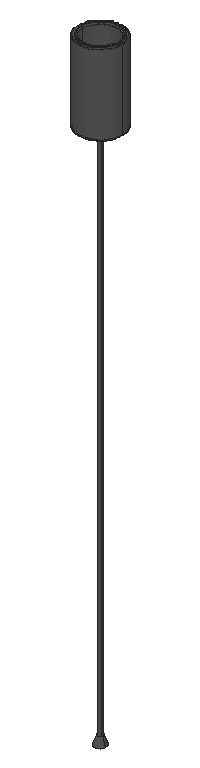
Revit family "CARLO CYLINDER LIGHT Pendant_ Surface", category Lighting Fixtures, host Face, Revit 2020 (continued)
Types (13): name | Wattage_Input | Wattage Comments | Wattage | built-in parameter 1150134 | Size 08 | Size 04 | Photometric Web File | built-in parameter 1150142 | Model | built-in parameter 1150105 | Lumens | built-in parameter 1150107 | built-in parameter 1150106 | Fixture Height | Fixture Diameter | BEAMING ANGLE | Apparent Load
    7.752 48.329 61.653 76.96 93.576 111.36 130.07 \r\n 149.32 168.52 188.09 208.38 228.97 249.89 270.22 289.39 306.34 319.13 \r\n 329.8 339.72 348.96 358.16 367.04 375.44 383.62 391.75 399.86 408.04 \r\n 416.32 424.83 433.43 441.98 450.7 459.81 469.24 478.98 488.96 498.84 \r\n 509.36 521.48 534.23 547.04 559.77 572.05 584.05 595.83 607.29 618.26 \r\n 629 639.77 650.28 660.15 669.89 680.18 690.27 699.53 708.33 716.8 \r\n 724.96 732.93 740.68 748.33 755.49 761.55 767.27 773.2 779.44 786.79 \r\n 793.73 798.48 802.59 807.27 811.82 815.79 819.57 823.53 827.28 830.45 \r\n 833.46 836.73 839.85 842.53 844.85 846.74 848.33 849.85 850.98 851.43 \r\n 849.27 \r\n2.1273 851.63 851.19 849.94 848.29 846.78 844.94 842.41 839.53 836.58 \r\n 833.49 830.36 826.99 823.08 819.02 815.25 811.29 806.58 801.74 797.75 \r\n 793.03 785.54 777.71 771.85 766.36 760.42 754 746.57 738.78 731.27 \r\n 723.55 715.29 706.7 697.94 688.79 678.95 668.85 658.92 648.83 638.33 \r\n 627.6 616.78 605.74 594.43 582.75 570.5 557.94 545.16 532.42 519.89 \r\n 507.93 497.12 486.89 476.79 467.07 457.94 449.1 440.3 431.64 423.13 \r\n 414.74 406.45 398.27 390.23 382.23 374.28 366.08 357.22 347.98 338.82 \r\n 328.9 317.81 304.61 287.6 268.51 248.34 227.57 206.98 186.57 166.65 \r\n 147.02 127.31 108.33 90.748 74.557 59.777 46.955 36.617 28.845 24.457 \r\n 21.773 19.303 17.289 15.441 13.856 12.527 11.473 10.772 10.234 9.68 \r\n 9.1539 8.6275 8.1435 7.7498 7.4031 7.0766 6.7685 6.4611 6.1749 5.9324 \r\n 5.7089 5.4878 5.2678 5.037 4.8112 4.6056 4.41 4.2205 4.0331 3.8378 \r\n 3.6486 3.481 3.3203 3.1532 2.9919 2.8488 2.7106 2.5659 2.4222 2.2825 \r\n 2.1498 2.0285 1.9173 1.82 1.7248 1.6311 1.5404 1.4537 1.3719 1.2982 \r\n 1.2274 1.1543 1.0832 1.0166 0.95511 0.90187 0.85062 0.79456 0.73852 0.68439 \r\n 0.63423 0.59251 0.5538 0.51272 0.47365 0.4405 0.40936 0.37679 0.34524 0.31615 \r\n 0.28905 0.26396 0.24088 0.22029 0.20072 0.18024 0.16076 0.14418 0.1286 0.11454 \r\n 0.096542 0.064703 0.032817 0.012637 0.00037568 0 0 0 0 0 \r\n 0 0 0 0 0 0 0.00037568 0.012637 0.032817 0.064703 \r\n 0.096542 0.11454 0.1286 0.14418 0.16076 0.18024 0.20072 0.22029 0.24088 0.26396 \r\n 0.28905 0.31615 0.34524 0.37679 0.40936 0.4405 0.47365 0.51272 0.5538 0.59251 \r\n 0.63423 0.68439 0.73852 0.79456 0.85062 0.90187 0.95511 1.0166 1.0832 1.1543 \r\n 1.2274 1.2982 1.3719 1.4537 1.5404 1.6311 1.7248 1.82 1.9173 2.0285 \r\n 2.1498 2.2825 2.4222 2.5659 2.7106 2.8488 2.9919 3.1532 3.3203 3.481 \r\n 3.6486 3.8378 4.0331 4.2205 4.41 4.6056 4.8112 5.037 5.2678 5.4878 \r\n 5.7089 5.9324 6.1749 6.4611 6.7685 7.0766 7.4031 7.7498 8.1435 8.6275 \r\n 9.1539 9.68 10.234 10.772 11.473 12.527 13.856 15.441 17.289 19.303 \r\n 21.773 24.457 28.845 36.617 46.955 59.777 74.557 90.748 108.33 127.31 \r\n 147.02 166.65 186.57 206.98 227.57 248.34 268.51 287.6 304.61 317.81 \r\n 328.9 338.82 347.98 357.22 366.08 374.28 382.23 390.23 398.27 406.45 \r\n 414.74 423.13 431.64 440.3 449.1 457.94 467.07 476.79 486.89 497.12 \r\n 507.93 519.89 532.42 545.16 557.94 570.5 582.75 594.43 605.74 616.78 \r\n 627.6 638.33 648.83 658.92 668.85 678.95 688.79 697.94 706.7 715.29 \r\n 723.55 731.27 738.78 746.57 754 760.42 766.36 771.85 777.71 785.54 \r\n 793.03 797.75 801.74 806.58 811.29 815.25 819.02 823.08 826.99 830.36 \r\n 833.49 836.58 839.53 842.41 844.94 846.78 848.29 849.94 851.19 851.63 \r\n 849.27 \r\n2.1273 851.43 850.98 849.85 848.33 846.74 844.85 842.53 839.85 836.73 \r\n 833.46 830.45 827.28 823.53 819.57 815.79 811.82 807.27 802.59 798.48 \r\n 793.73 786.79 779.44 773.2 767.27 761.55 755.49 748.33 740.68 732.93 \r\n 724.96 716.8 708.33 699.53 690.27 680.18 669.89 660.15 650.28 639.77 \r\n 629 618.26 607.29 595.83 584.05 572.05 559.77 547.04 534.23 521.48 \r\n 509.36 498.84 488.96 478.98 469.24 459.81 450.7 441.98 433.43 424.83 \r\n 416.32 408.04 399.86 391.75 383.62 375.44 367.04 358.16 348.96 339.72 \r\n 329.8 319.13 306.34 289.39 270.22 249.89 228.97 208.38 188.09 168.52 \r\n 149.32 130.07 111.36 93.576 76.96 61.653 48.329 37.752 29.798 25.104 \r\n 22.152 19.596 17.559 15.68 14.067 12.7 11.608 10.873 10.311 9.7549 \r\n 9.2308 8.6919 8.1918 7.783 7.4226 7.0854 6.771 6.4671 6.1838 5.9314 \r\n 5.6978 5.4777 5.2609 5.0296 4.8012 4.5886 4.3871 4.1989 4.0152 3.8236 \r\n 3.6371 3.468 3.3055 3.1413 2.9802 2.8241 2.6742 2.533 2.3973 2.2637 \r\n 2.1358 2.0151 1.9039 1.8092 1.7177 1.6211 1.5264 1.4377 1.3549 1.2816 \r\n 1.2112 1.1363 1.0631 0.99526 0.93258 0.87787 0.82577 0.77099 0.71609 0.66031 \r\n 0.60819 0.56643 0.52784 0.48579 0.44527 0.41023 0.3772 0.34303 0.31067 0.28281 \r\n 0.257 0.23075 0.20686 0.18799 0.17202 0.15984 0.14509 0.11743 0.089691 0.075136 \r\n 0.062212 0.040546 0.019861 0.0074112 0.00022726 0 0 0 0 0 \r\n 0 0 0 0 0 0 0.00045858 0.019417 0.044934 0.071895 \r\n 0.097865 0.11776 0.13442 0.14757 0.16144 0.18159 0.20385 0.22558 0.2478 0.27047 \r\n 0.29419 0.31901 0.3466 0.38007 0.41526 0.44744 0.48136 0.52173 0.56396 0.60338 \r\n 0.64504 0.69327 0.74556 0.80213 0.85903 0.90973 0.96216 1.0231 1.0895 1.1623 \r\n 1.2369 1.3062 1.3784 1.4631 1.555 1.6531 1.7545 1.8539 1.9579 2.0715 \r\n 2.1942 2.3306 2.4715 2.6073 2.7443 2.8844 3.0319 3.1959 3.3641 3.5216 \r\n 3.6861 3.8769 4.0745 4.2624 4.4514 4.6446 4.8481 5.0757 5.3074 5.5214 \r\n 5.7375 5.9655 6.2133 6.4976 6.8021 7.1107 7.4394 7.7924 8.1884 8.6587 \r\n 9.1695 9.6888 10.242 10.788 11.499 12.56 13.895 15.491 17.35 19.379 \r\n 21.848 24.532 28.82 36.13 46.152 59.445 74.817 91.206 108.77 127.43 \r\n 146.88 166.79 187.1 207.66 228.39 249.57 269.97 288.52 305 318.51 \r\n 329.94 339.57 348.31 357.37 366.13 374.19 382.04 390.11 398.21 406.25 \r\n 414.36 422.65 431.11 439.79 448.61 457.44 466.55 476.16 486.24 496.78 \r\n 507.95 520.05 532.62 545.32 558.07 570.8 583.21 594.91 606.19 617.21 \r\n 627.98 638.6 648.98 659.02 668.85 678.64 688.22 697.49 706.46 715.18 \r\n 723.46 730.94 738.16 745.69 753.01 759.74 766.07 771.85 777.76 785.02 \r\n 791.98 796.95 801.35 806.34 811.11 815.04 818.79 823.03 827.13 830.61 \r\n 833.79 836.91 839.83 842.56 844.97 846.89 848.5 849.99 851.07 851.48 \r\n 849.27 \r\n2.1273 851.27 850.8 849.77 848.35 846.69 844.76 842.61 840.08 836.85 \r\n 833.45 830.53 827.51 823.88 820.02 816.22 812.23 807.84 803.29 799.06 \r\n 794.27 787.81 780.88 774.37 768.11 762.52 756.71 749.77 742.23 734.28 \r\n 726.09 717.98 709.62 700.77 691.4 681.12 670.7 661.07 651.36 640.84 \r\n 630.04 619.36 608.42 596.86 585.01 573.19 561.11 548.42 535.58 522.65 \r\n 510.42 500.11 490.49 480.61 470.85 461.21 451.88 443.21 434.74 426.05 \r\n 417.45 409.16 400.98 392.79 384.54 376.17 367.61 358.72 349.55 340.24 \r\n 330.32 319.94 307.44 290.53 271.3 250.87 229.88 209.3 189.13 169.84 \r\n 150.97 132.09 113.62 95.709 78.786 63.072 49.355 38.591 30.495 25.569 \r\n 22.417 19.8 17.751 15.85 14.218 12.824 11.705 10.946 10.366 9.8082 \r\n 9.2854 8.7372 8.2254 7.8056 7.4353 7.0905 6.7718 6.471 6.1905 5.9305 \r\n 5.689 5.4701 5.256 5.0244 4.7939 4.5762 4.3703 4.1834 4.0027 3.8139 \r\n 3.6293 3.4592 3.2954 3.1332 2.9723 2.8065 2.6478 2.5095 2.38 2.2509 \r\n 2.1262 2.0053 1.8936 1.8009 1.7121 1.6135 1.5159 1.4257 1.3421 1.269 \r\n 1.1987 1.1227 1.0481 0.97914 0.91547 0.85952 0.80669 0.75296 0.69904 0.64214 \r\n 0.58866 0.54691 0.50838 0.46546 0.42375 0.38741 0.35307 0.3176 0.28452 0.25765 \r\n 0.23297 0.20623 0.182 0.16416 0.1505 0.14437 0.13312 0.097367 0.060727 0.045594 \r\n 0.036247 0.022291 0.010141 0.0035038 0.00011595 0 0 0 0 0 \r\n 0 0 0 0 0 0 0.00051033 0.024137 0.05311 0.075573 \r\n 0.096396 0.11735 0.13588 0.14748 0.1597 0.18051 0.20417 0.22745 0.25074 0.27285 \r\n 0.29535 0.31856 0.34514 0.37981 0.41675 0.44989 0.48465 0.52614 0.56931 0.60915 \r\n 0.65065 0.69755 0.74854 0.80528 0.8626 0.91305 0.96514 1.0257 1.0922 1.1663 \r\n 1.2419 1.3101 1.3811 1.4682 1.5643 1.6681 1.7754 1.8792 1.9865 2.1021 \r\n 2.2265 2.3658 2.5078 2.6377 2.769 2.9105 3.0612 3.2271 3.3961 3.5512 \r\n 3.7133 3.9052 4.1045 4.2927 4.4813 4.673 4.8752 5.1036 5.3356 5.5447 \r\n 5.7568 5.9887 6.241 6.5236 6.8257 7.1347 7.465 7.823 8.2205 8.6795 \r\n 9.177 9.689 10.241 10.794 11.515 12.581 13.923 15.531 17.403 19.449 \r\n 21.919 24.598 28.799 35.734 45.489 59.122 74.938 91.501 109.1 127.56 \r\n 146.85 167.01 187.63 208.32 229.15 250.59 271.11 289.25 305.33 319.13 \r\n 330.88 340.29 348.7 357.63 366.29 374.23 382 390.13 398.28 406.2 \r\n 414.17 422.39 430.81 439.49 448.34 457.19 466.29 475.8 485.85 496.6 \r\n 508.02 520.21 532.8 545.45 558.18 571.02 583.56 595.27 606.52 617.52 \r\n 628.26 638.8 649.1 659.09 668.84 678.38 687.75 697.1 706.22 715.01 \r\n 723.29 730.62 737.64 744.95 752.16 759.13 765.78 771.8 777.79 784.56 \r\n 791.07 796.25 801.02 806.13 810.96 814.9 818.67 823.04 827.29 830.84 \r\n 834.06 837.19 840.09 842.69 844.99 847 848.67 850.03 850.97 851.34 \r\n 849.27 \r\n2.1273 851.15 850.68 849.7 848.33 846.63 844.67 842.65 840.23 836.94 \r\n 833.47 830.61 827.67 824.15 820.37 816.54 812.54 808.27 803.83 799.49 \r\n 794.66 788.6 782.04 775.37 768.87 763.34 757.68 750.88 743.43 735.32 \r\n 726.94 718.86 710.55 701.65 692.18 681.78 671.26 661.69 652.07 641.55 \r\n 630.73 620.08 609.15 597.51 585.61 573.91 561.97 549.32 536.45 523.4 \r\n 511.1 500.93 491.48 481.68 471.92 462.13 452.65 444 435.58 426.81 \r\n 418.11 409.82 401.63 393.35 384.99 376.48 367.8 358.9 349.74 340.38 \r\n 330.46 320.24 307.91 291.01 271.74 251.28 230.27 209.75 189.69 170.6 \r\n 151.97 133.38 115.12 97.149 80.035 64.035 50.034 39.134 30.938 25.853 \r\n 22.568 19.915 17.864 15.951 14.308 12.899 11.765 10.99 10.399 9.8399 \r\n 9.3177 8.7636 8.2443 7.8175 7.4411 7.0918 6.7709 6.4731 6.195 5.9297 \r\n 5.6826 5.4648 5.2531 5.0213 4.7894 4.5684 4.3598 4.174 3.9955 3.8087 \r\n 3.6254 3.4546 3.2898 3.1291 2.9682 2.796 2.6314 2.4953 2.3703 2.2445 \r\n 2.122 2.0009 1.8864 1.795 1.7081 1.6083 1.5088 1.4177 1.3336 1.2605 \r\n 1.1902 1.1135 1.038 0.96829 0.90376 0.8468 0.79338 0.74046 0.68737 0.6299 \r\n 0.57564 0.53393 0.4954 0.45175 0.40912 0.37205 0.33699 0.3005 0.2668 0.24065 \r\n 0.21694 0.1904 0.16632 0.14878 0.13617 0.13382 0.12485 0.084011 0.041706 0.025918 \r\n 0.018648 0.0099374 0.003657 0.00091503 0.000042 0 0 0 0 0 \r\n 0 0 0 0 0 0 0.00053091 0.026797 0.057345 0.075738 \r\n 0.092134 0.11332 0.13297 0.14391 0.15552 0.17701 0.20168 0.2259 0.24971 0.2711 \r\n 0.29252 0.3148 0.34085 0.37601 0.41385 0.44785 0.48351 0.52595 0.56983 0.60981 \r\n 0.65105 0.69721 0.74745 0.80399 0.86132 0.91185 0.96404 1.0246 1.0912 1.1662 \r\n 1.2425 1.3098 1.3801 1.4691 1.5683 1.6761 1.7873 1.8937 2.0031 2.1205 \r\n 2.2466 2.3883 2.5313 2.6573 2.7846 2.9271 3.0799 3.2469 3.4163 3.5698 \r\n 3.7304 3.9227 4.123 4.3114 4.4998 4.6908 4.8923 5.1209 5.3522 5.5577 \r\n 5.7671 6.002 6.2578 6.5391 6.8391 7.1485 7.4801 7.8416 8.24 8.6899 \r\n 9.1764 9.6806 10.229 10.789 11.52 12.59 13.938 15.561 17.449 19.513 \r\n 21.987 24.657 28.783 35.427 44.966 58.806 74.921 91.635 109.31 127.7 \r\n 146.95 167.31 188.17 208.96 229.86 251.39 271.93 289.77 305.61 319.69 \r\n 331.73 340.99 349.16 357.98 366.56 374.4 382.12 390.3 398.5 406.32 \r\n 414.17 422.34 430.74 439.42 448.28 457.16 466.28 475.73 485.73 496.59 \r\n 508.12 520.35 532.95 545.56 558.25 571.16 583.78 595.49 606.72 617.72 \r\n 628.45 638.95 649.19 659.14 668.82 678.17 687.4 696.78 705.97 714.78 \r\n 723.05 730.31 737.22 744.35 751.45 758.58 765.47 771.72 777.78 784.15 \r\n 790.28 795.66 800.73 805.95 810.84 814.83 818.66 823.12 827.46 831.06 \r\n 834.3 837.43 840.3 842.81 845.03 847.09 848.81 850.07 850.88 851.24 \r\n 849.27 \r\n2.1273 851.08 850.59 849.64 848.29 846.57 844.6 842.64 840.3 836.99 \r\n 833.51 830.67 827.78 824.33 820.6 816.75 812.73 808.57 804.22 799.78 \r\n 794.9 789.16 782.92 776.19 769.56 764.01 758.37 751.68 744.29 736.04 \r\n 727.5 719.43 711.13 702.17 692.62 682.15 671.59 662.02 652.4 641.88 \r\n 631.06 620.4 609.47 597.79 585.87 574.22 562.33 549.72 536.86 523.75 \r\n 511.4 501.29 491.93 482.18 472.43 462.57 453 444.35 435.93 427.09 \r\n 418.33 410.02 401.82 393.45 384.97 376.37 367.62 358.7 349.54 340.14 \r\n 330.2 320.03 307.75 290.84 271.56 251.12 230.17 209.72 189.77 170.79 \r\n 152.32 133.94 115.85 97.895 80.706 64.542 50.366 39.382 31.126 25.957 \r\n 22.605 19.942 17.898 15.983 14.337 12.925 11.786 11.006 10.409 9.8499 \r\n 9.3277 8.771 8.2485 7.8188 7.4401 7.0893 6.7683 6.4733 6.1974 5.929 \r\n 5.6786 5.462 5.2522 5.0203 4.7877 4.5652 4.3555 4.1707 3.9938 3.8079 \r\n 3.6252 3.4541 3.2889 3.1288 2.968 2.7925 2.625 2.4905 2.3681 2.2439 \r\n 2.1218 1.9987 1.8824 1.7916 1.7057 1.6055 1.5053 1.4138 1.3294 1.2559 \r\n 1.1854 1.1087 1.033 0.96269 0.89747 0.83973 0.78584 0.73348 0.68109 0.62357 \r\n 0.56912 0.52749 0.48891 0.44465 0.40136 0.36415 0.32894 0.29173 0.2575 0.23181 \r\n 0.20892 0.18325 0.15979 0.14188 0.12901 0.1282 0.12027 0.077356 0.03263 0.016107 \r\n 0.0094144 0.0034866 0.00040986 0 0.000005 0 0 0 0 0 \r\n 0 0 0 0 0 0 0.00052033 0.027398 0.05764 0.072391 \r\n 0.085079 0.10565 0.1257 0.13688 0.14892 0.17107 0.19637 0.22093 0.24469 0.26522 \r\n 0.28572 0.30773 0.33373 0.36867 0.40654 0.44132 0.47795 0.52116 0.56554 0.60536 \r\n 0.64624 0.69226 0.74231 0.79828 0.85521 0.90612 0.95887 1.0197 1.0865 1.162 \r\n 1.2386 1.3055 1.3754 1.4658 1.5669 1.6771 1.7904 1.8975 2.0076 2.1267 \r\n 2.2546 2.3981 2.5418 2.6659 2.7912 2.9342 3.088 3.2553 3.4247 3.5774 \r\n 3.7372 3.9296 4.1301 4.3185 4.5069 4.6981 4.8995 5.1273 5.3575 5.5605 \r\n 5.7682 6.0055 6.2639 6.5441 6.8426 7.1521 7.4845 7.8483 8.2469 8.69 \r\n 9.1678 9.6637 10.208 10.775 11.515 12.588 13.941 15.58 17.487 19.571 \r\n 22.051 24.708 28.772 35.212 44.583 58.498 74.765 91.606 109.39 127.85 \r\n 147.17 167.69 188.71 209.58 230.51 252 272.44 290.09 305.84 320.17 \r\n 332.47 341.67 349.69 358.42 366.93 374.72 382.4 390.62 398.85 406.59 \r\n 414.35 422.5 430.9 439.57 448.44 457.37 466.52 475.93 485.87 496.73 \r\n 508.28 520.5 533.07 545.63 558.3 571.23 583.88 595.58 606.8 617.81 \r\n 628.55 639.04 649.26 659.17 668.79 678.03 687.15 696.52 705.72 714.5 \r\n 722.72 730 736.91 743.89 750.89 758.11 765.16 771.6 777.74 783.79 \r\n 789.63 795.17 800.5 805.8 810.75 814.83 818.75 823.27 827.66 831.27 \r\n 834.51 837.63 840.47 842.91 845.08 847.17 848.92 850.09 850.82 851.15 \r\n 849.27 \r\n2.1273 851.07 850.59 849.6 848.2 846.49 844.53 842.56 840.21 836.99 \r\n 833.59 830.71 827.76 824.34 820.65 816.76 812.72 808.64 804.37 799.83 \r\n 794.89 789.35 783.35 776.74 770.13 764.43 758.63 751.97 744.61 736.27 \r\n 727.62 719.51 711.19 702.14 692.53 682.09 671.56 661.88 652.15 641.63 \r\n 630.82 620.11 609.13 597.47 585.57 573.85 561.91 549.33 536.53 523.45 \r\n 511.1 500.92 491.49 481.76 472.06 462.24 452.69 444 435.52 426.62 \r\n 417.8 409.49 401.26 392.78 384.2 375.58 366.82 357.88 348.68 339.29 \r\n 329.32 319.02 306.62 289.65 270.37 250.04 229.22 208.9 189.05 170.09 \r\n 151.62 133.35 115.4 97.599 80.537 64.395 50.202 39.198 30.929 25.781 \r\n 22.461 19.826 17.807 15.905 14.27 12.873 11.748 10.977 10.386 9.8255 \r\n 9.301 8.7463 8.2269 7.8005 7.4253 7.0784 6.761 6.4687 6.1949 5.9272 \r\n 5.6775 5.4624 5.2541 5.0223 4.7899 4.5689 4.3609 4.1772 4.0011 3.815 \r\n 3.6319 3.4609 3.2958 3.1355 2.9748 2.8014 2.6361 2.5024 2.3795 2.2526 \r\n 2.1279 2.0041 1.889 1.7954 1.7068 1.6069 1.5079 1.4169 1.3325 1.2583 \r\n 1.1871 1.1113 1.0367 0.96621 0.90046 0.84224 0.78805 0.73589 0.68403 0.62749 \r\n 0.57393 0.53246 0.49372 0.44897 0.40543 0.36916 0.33488 0.29729 0.26256 0.23708 \r\n 0.21499 0.19164 0.16981 0.15001 0.13437 0.13126 0.12242 0.082693 0.041154 0.023617 \r\n 0.014745 0.0072918 0.0027948 0.00066866 0.000032 0 0 0 0 0 \r\n 0 0 0 0 0 0 0.00045389 0.024494 0.051056 0.0622 \r\n 0.071688 0.089929 0.10905 0.12222 0.13674 0.15969 0.18497 0.20876 0.2314 0.25074 \r\n 0.27049 0.29352 0.32033 0.35358 0.38979 0.42536 0.46333 0.50729 0.55195 0.59097 \r\n 0.63116 0.67821 0.72916 0.78388 0.83959 0.89138 0.94553 1.0073 1.0748 1.1501 \r\n 1.2263 1.2932 1.3633 1.4544 1.5561 1.6658 1.7781 1.8826 1.9908 2.1117 \r\n 2.242 2.3862 2.5305 2.656 2.7824 2.9251 3.0782 3.2444 3.4128 3.5662 \r\n 3.7268 3.9185 4.1181 4.3062 4.4948 4.6877 4.8903 5.116 5.3436 5.5456 \r\n 5.7533 5.9922 6.252 6.5316 6.8293 7.1392 7.4722 7.8362 8.2339 8.6739 \r\n 9.1466 9.6327 10.17 10.744 11.495 12.571 13.931 15.594 17.526 19.633 \r\n 22.124 24.767 28.795 35.174 44.469 58.264 74.473 91.437 109.45 128.24 \r\n 147.87 168.52 189.59 210.53 231.41 252.57 272.69 290.34 306.22 320.76 \r\n 333.26 342.49 350.47 359.13 367.58 375.34 383.03 391.28 399.53 407.21 \r\n 414.9 423.06 431.49 440.16 449.04 458.06 467.3 476.71 486.59 497.27 \r
